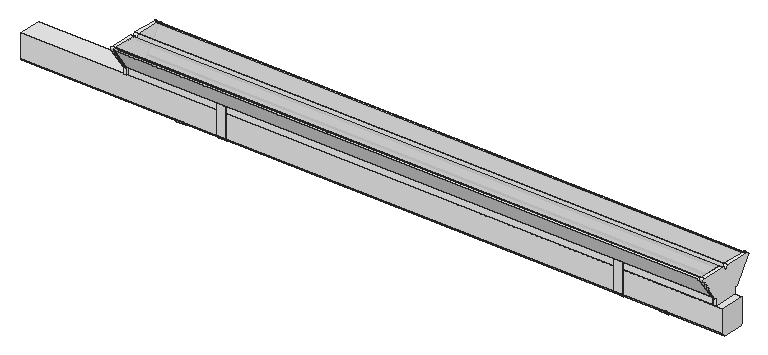
Revit family "0042289 Lighting Fixture_Sylvania_HSX Syl-Line_Surface Mounted", category Lighting Fixtures, host Face, Revit 2017
Family settings
  Host = Face
  Round Connector Dimension = Use Diameter
  Part Type = Normal
  OmniClass Number = 23.80.70.11.17
  OmniClass Title = Specialized Lighting by Location or Use
  Cut with Voids When Loaded = No
  Light Source = Yes
  Shared = No
  Room Calculation Point = No
Parameters (values of type "HSXSYL  LED NW DALI 1720 EM WB")
  Width = 164.0 mm
  Weight = 6.50 kg
  Wattage = 10.4516 W
  built-in parameter 1150110 = 1 (stored number, unit not read)
  Voltage Comments = "UNV (Universal Voltage; 220-240 Volt)"  # constant formula
  Voltage = 230 V  # constant formula
  URL = "http://www.sylvania-lighting.com"
  Trucking Material = Steel_Sylvania_HSX Syl-Line_White
  built-in parameter 1114217 = 1 (stored number, unit not read)
  Tilt Angle = -90.00°
  built-in parameter 1150109 = 1 (stored number, unit not read)
  built-in parameter 1150134 = 12
  Ta Rating = "-10°C to +25°C"  # constant formula
  T Class Min = -10 °C
  T Class Max = 25 °C
  built-in parameter 1150113 = 1 (stored number, unit not read)
  Product Page URL = "http://www.sylvania-lighting.com/product/en-int/products/0042289"
  Product Family = "HSX SYL-LINE"  # constant formula
  Photometry Comments = ""
  Photometric Web File = "0042289_HSXSYLLEDNWDALI1720EMWB-192721.ies"
  Mounting Material = Steel_Sylvania_HSX Syl-Line_White
  Line End Right = 20.0 mm
  Line End Left = 300.0 mm
  Life = "50 000h"  # constant formula
  Length = 1720.0 mm
  LOR = "100%"
  Inrush Current (max. quantity per 16A C breaker) = "10"
  IP Rating = "IP20"  # constant formula
  IK Rating = "IK02"  # constant formula
  Height = 167.5 mm
  Glow Wire Test = 650 °C  # constant formula
  Emit from Line Length = Length - 20.0 mm  # 1700.0 mm
  Electrical Protection = "CLASS I"  # constant formula
  Drive Current = "350mA"
  built-in parameter 1114216 [instance] = 1 (stored number, unit not read)
  Cap Material = Plastic_Sylvania_HSX Syl-Line_White
  Model = "HSXSYL  LED NW DALI 1720 EM WB"
  Manufacturer = "Feilo Sylvania"
  built-in parameter 1150105 = 341.47 (stored number, unit not read)
  Lumens = 972 lm
  built-in parameter 1150115 = 1 (stored number, unit not read)
  built-in parameter 1150137 = (empty or 0)
  built-in parameter 1150139 = (empty or 0)
  built-in parameter 1150112 = 1 (stored number, unit not read)
  built-in parameter 1150114 = 1 (stored number, unit not read)
  Lamp = "Integrated LED"
  built-in parameter 1150132 = 2
  built-in parameter 1150102 = (empty or 0)
  built-in parameter 1150107 = 4000 (stored number, unit not read)
  built-in parameter 1150138 = (empty or 0)
  built-in parameter 1150106 = 3.4147 (stored number, unit not read)
  CRI (Ra) = ">80"
  Bracket Width = Width - 93.4 mm  # 70.6 mm
  Bracket Height = Height - 73.5 mm  # 94.0 mm
  Body Material = Plastic_Sylvania_HSX Syl-Line_White
  built-in parameter 1150104 = 8.64 (stored number, unit not read)
  Dimming Lamp Color Temperature Shift = <None>
  Diffuser Material = Polycarbonate_Sylvania_HSX Syl-Line_4000K
  Description = "72W and 75W LED surface and suspended luminaires HSX Syl-Line is perfect for retail, industry, manufacturing, airports or data centres Extended offering of alternative optics for Syl-Line trunking Available with a white sheet steel reflector and a PMMA Diffuser Available in 1,720mm (same length as standard Syl-Line gear trays and trunking) High performance: delivers 6,660lm (luminaire lumen output on 72W version), equating to 93lm/W (total system efficiency) Available in neutral white (4,000K) Integrated LED solution that has the same aesthetics as the fluorescent version (non dotting) Energy efficient electronic gear including Analogue 1-10V dimmable, DALI dimmable and 3 hour emergency versions as standard Ease of installation through the plug connector Innovative clip design allows quick and simple installation of the electrical unit (average installation time of the gear tray at just over a minute) Energy class: A++, A+, A Long lifetime: 50,000 hours life at 70% of the original output L70"  # constant formula
  Default Elevation = 0.0 mm
  Color Filter = 16777215
  Catalog Number = "0042289 HSXSYL  LED NW DALI 1720 EM WB"
  built-in parameter 1140040 [instance] = 1
  built-in parameter 1114218 = 1 (stored number, unit not read)
  built-in parameter 1150133 = 10 (stored number, unit not read)
  Assembly Code = "D5020200"
  Apparent Load = 75 VA
Reference planes
  plane 1 "Center (Front/Back)": y = 0
  plane 2 "Trucking Top": z = 6
  plane 3 "Center (Left/Right)": x = 0
  plane 4 "Fixture Bottom": z = 167.5
  plane 5: y = 34.283
  plane 6: y = -34.283
  plane 7 "Fixture Left": x = -860
  plane 8 "Fixture Right": x = 860
  plane 9: x = 850
  plane 10: x = -850
  plane 11: y = -82
  plane 12: y = 82
  plane 13: z = 155
  plane 14: z = 99
  plane 15 "Trucking Bottom": z = 78.5
  plane 16: y = 38.283
  plane 17: y = -38.283
  plane 18: z = 160.539
  plane 19: y = 7.5
  plane 20: y = -7.5
  plane 21: x = -1160
  plane 22: x = 880
  plane 23: x = 588
  plane 24: x = -588
  plane 25: x = 713
  plane 26: x = -713
  plane 27 "Fixture Top": z = 0
Forms (mm)
  Extrusion 1, solid, material "Plastic_Sylvania_HSX Syl-Line_White" <- "Cap Material", detail levels fine
    sketch origin (0, 0, 0) x (0, 1, 0) y (0, 0, 1)
      loop
        line (38.283, 99) -> (81.006, 161.276)
        arc (81.006, 161.276) -> (81.229, 165.38) -> (77.707, 167.5) r 3.986
        line (77.707, 167.5) -> (7.5, 167.5) -> (0, 155) -> (-7.5, 167.5) -> (-77.707, 167.5)
        arc (-77.707, 167.5) -> (-81.229, 165.38) -> (-81.006, 161.276) r 3.986
        line (-81.006, 161.276) -> (-38.283, 99) -> (-34.283, 99) -> (-34.283, 78.5) -> (34.283, 78.5) -> (34.283, 99) -> (38.283, 99)
    from 850 to 860
  Extrusion 2, solid, material "Plastic_Sylvania_HSX Syl-Line_White" <- "Cap Material", detail levels fine
    sketch origin (0, 0, 0) x (0, 1, 0) y (0, 0, 1)
      loop
        line (38.283, 99) -> (81.006, 161.276)
        arc (81.006, 161.276) -> (81.229, 165.38) -> (77.707, 167.5) r 3.986
        line (77.707, 167.5) -> (7.5, 167.5) -> (0, 155) -> (-7.5, 167.5) -> (-77.707, 167.5)
        arc (-77.707, 167.5) -> (-81.229, 165.38) -> (-81.006, 161.276) r 3.986
        line (-81.006, 161.276) -> (-38.283, 99) -> (-34.283, 99) -> (-34.283, 78.5) -> (34.283, 78.5) -> (34.283, 99) -> (38.283, 99)
    from -860 to -850
  Extrusion 3, solid, material "Plastic_Sylvania_HSX Syl-Line_White" <- "Body Material", detail levels coarse+medium
    sketch origin (0, 0, 0) x (0, 1, 0) y (0, 0, 1)
      loop
        line (38.283, 99) -> (81.006, 161.276)
        arc (81.006, 161.276) -> (81.229, 165.38) -> (77.707, 167.5) r 3.986
        line (77.707, 167.5) -> (7.5, 167.5) -> (0, 155) -> (-7.5, 167.5) -> (-77.707, 167.5)
        arc (-77.707, 167.5) -> (-81.229, 165.38) -> (-81.006, 161.276) r 3.986
        line (-81.006, 161.276) -> (-38.283, 99) -> (-34.283, 99) -> (-34.283, 78.5) -> (34.283, 78.5) -> (34.283, 99) -> (38.283, 99)
    from -860 to 850
  Extrusion 4, solid, material "Plastic_Sylvania_HSX Syl-Line_White" <- "Body Material", detail levels fine
    sketch origin (0, 0, 0) x (0, 1, 0) y (0, 0, 1)
      loop
        line (37.757, 100) -> (80.18, 161.839)
        arc (80.18, 161.839) -> (80.345, 164.913) -> (77.707, 166.5) r 2.986
        line (77.707, 166.5) -> (74, 166.5) -> (74, 165.5) -> (77.707, 165.5)
        arc (77.707, 165.5) -> (79.461, 164.446) -> (79.353, 162.402) r 1.986
        line (79.353, 162.402) -> (37.23, 101) -> (32.283, 101) -> (32.283, 79.5) -> (-32.283, 79.5) -> (-32.283, 101) -> (-37.23, 101) -> (-79.353, 162.402)
        arc (-79.353, 162.402) -> (-79.461, 164.446) -> (-77.707, 165.5) r 1.986
        line (-77.707, 165.5) -> (-74, 165.5) -> (-74, 166.5) -> (-77.707, 166.5)
        arc (-77.707, 166.5) -> (-80.345, 164.913) -> (-80.18, 161.839) r 2.986
        line (-80.18, 161.839) -> (-37.757, 100) -> (-33.283, 100) -> (-33.283, 78.5) -> (33.283, 78.5) -> (33.283, 100) -> (37.757, 100)
    from -850 to 850
  Extrusion 5, solid, material "Polycarbonate_Sylvania_HSX Syl-Line_4000K" <- "Diffuser Material", detail levels fine
    sketch origin (0, 0, 0) x (0, 1, 0) y (0, 0, 1)
      loop
        line (74, 166.5) -> (8.066, 166.5) -> (0, 153.056) -> (-8.066, 166.5) -> (-74, 166.5) -> (-74, 165.5) -> (-8.632, 165.5) -> (0, 151.113) -> (8.632, 165.5) -> (74, 165.5) -> (74, 166.5)
    from -850 to 850
  Extrusion 6, solid, material "Steel_Sylvania_HSX Syl-Line_White" <- "Trucking Material"
    sketch origin (0, 0, 0) x (0, 1, 0) y (0, 0, 1)
      loop
        line (34.283, 12) -> (34.283, 78.5) -> (-34.283, 78.5) -> (-34.283, 12) -> (-28.283, 6) -> (28.283, 6) -> (34.283, 12)
    from -1160 to 880
Dimensions and locks
  equal spacing: plane 7 "Fixture Left", plane 3 "Center (Left/Right)", plane 8 "Fixture Right"
  "Length": plane 7 "Fixture Left" to plane 8 "Fixture Right"
  locked: plane 7 "Fixture Left" to plane 10 at 10
  locked: plane 9 to plane 8 "Fixture Right" at 10
  equal spacing: plane 12, plane 1 "Center (Front/Back)", plane 11
  "Width": plane 12 to plane 11
  "Height": host face to plane 4 "Fixture Bottom"
  locked: level to plane 2 "Trucking Top" at 6
  plane 15 "Trucking Bottom" to plane 14 to plane 13 to plane 18 to plane 4 "Fixture Bottom" = 20.5 mm locked, 56.0 mm locked, 5.539 mm locked, 6.961 mm locked
  plane 12 to plane 16 to plane 5 to plane 19 = 43.717 mm locked, 4.0 mm locked, 26.783 mm locked
  plane 11 to plane 17 to plane 6 to plane 20 = 43.717 mm locked, 4.0 mm locked, 26.783 mm locked
  locked: Extrusion 5 sketch curve to plane 11 at 8
  locked: plane 12 to Extrusion 5 sketch curve at 8
  locked: Extrusion 4 sketch curve to plane 11 at 8
  locked: plane 12 to Extrusion 4 sketch curve at 8
  locked: Extrusion 6 sketch curve to plane 2 "Trucking Top" at 6  (x2)
  locked: Extrusion 6 sketch curve to plane 6 at 6
  locked: plane 5 to Extrusion 6 sketch curve at 6
  "Line End Left": plane 21 to plane 7 "Fixture Left"
  "Line End Right": plane 8 "Fixture Right" to plane 22
  plane 23 to plane 25 to plane 9 = 125.0 mm locked, 137.0 mm locked
  plane 10 to plane 26 to plane 24 = 137.0 mm locked, 125.0 mm locked
  aligned and locked: level to host face
  aligned and locked: imposter light to plane 1 "Center (Front/Back)"
  aligned and locked: plane 3 "Center (Left/Right)" to imposter light
  aligned and locked: imposter light to plane 4 "Fixture Bottom"
  aligned and locked: plane 14 to Extrusion 1 sketch curve
  aligned and locked: plane 16 to Extrusion 1 sketch curve
  aligned and locked: plane 15 "Trucking Bottom" to Extrusion 1 sketch curve
  aligned and locked: plane 5 to Extrusion 1 sketch curve
  aligned and locked: plane 6 to Extrusion 1 sketch curve
  aligned and locked: Extrusion 1 sketch curve to plane 14
  aligned and locked: plane 1 "Center (Front/Back)" to Extrusion 1 sketch curve
  aligned and locked: plane 13 to Extrusion 1 sketch curve
  aligned and locked: plane 4 "Fixture Bottom" to Extrusion 1 sketch curve  (x2)
  aligned and locked: plane 19 to Extrusion 1 sketch curve
  aligned and locked: plane 20 to Extrusion 1 sketch curve
  aligned and locked: Extrusion 1 to plane 8 "Fixture Right"
  aligned and locked: plane 9 to Extrusion 1
  aligned and locked: Extrusion 2 to plane 7 "Fixture Left"
  aligned and locked: plane 10 to Extrusion 2
  aligned and locked: Extrusion 3 to plane 7 "Fixture Left"
  aligned and locked: plane 15 "Trucking Bottom" to Extrusion 4 sketch curve
  aligned and locked: Extrusion 4 to plane 9
  aligned and locked: Extrusion 4 to plane 10
  aligned and locked: plane 5 to Extrusion 6 sketch curve
  aligned and locked: plane 6 to Extrusion 6 sketch curve
  aligned and locked: plane 2 "Trucking Top" to Extrusion 6 sketch curve
  aligned and locked: plane 15 "Trucking Bottom" to Extrusion 6 sketch curve
  aligned and locked: Extrusion 6 to plane 21
  aligned and locked: Extrusion 6 to plane 22
  aligned and locked: plane 1 "Center (Front/Back)" to nested 1
  aligned and locked: nested 1 to plane 14
  aligned and locked: plane 23 to nested 1
  aligned and locked: Extrusion 3 to plane 9
  aligned and locked: Extrusion 5 to plane 9
  aligned and locked: Extrusion 5 to plane 10
  aligned and locked: plane 24 to nested 2
  aligned and locked: nested 1 to plane 23
  aligned and locked: nested 3 to level
  aligned and locked: plane 2 "Trucking Top" to nested 2
  aligned and locked: plane 25 to nested 3
  aligned and locked: plane 26 to nested 4
Automatic sketch dimensions
  host sketch curve to host sketch curve = 2549.992 mm
  host sketch curve to host sketch curve = 1283.632 mm
  Extrusion 1 sketch curve to plane 17 = 0.0 mm
  Extrusion 1 sketch curve to plane 18 = 0.737 mm  (x2)
  Extrusion 1 sketch curve to plane 11 = 4.293 mm
  Extrusion 1 sketch curve to plane 11 = 0.994 mm
  Extrusion 1 sketch curve to plane 12 = 4.293 mm
  Extrusion 1 sketch curve to plane 12 = 0.994 mm
  plane 4 "Fixture Bottom" to Extrusion 2 sketch curve = 0.0 mm  (x2)
  plane 14 to Extrusion 2 sketch curve = 0.0 mm  (x2)
  Extrusion 2 sketch curve to plane 17 = 0.0 mm
  Extrusion 2 sketch curve to plane 6 = 0.0 mm
  Extrusion 2 sketch curve to plane 20 = 0.0 mm
  Extrusion 2 sketch curve to plane 1 "Center (Front/Back)" = 0.0 mm
  Extrusion 2 sketch curve to plane 19 = 0.0 mm
  Extrusion 2 sketch curve to plane 5 = 0.0 mm
  Extrusion 2 sketch curve to plane 16 = 0.0 mm
  plane 15 "Trucking Bottom" to Extrusion 2 sketch curve = 0.0 mm
  Extrusion 2 sketch curve to plane 13 = 0.0 mm
  Extrusion 2 sketch curve to plane 11 = 4.293 mm
  Extrusion 2 sketch curve to plane 18 = 0.737 mm  (x2)
  Extrusion 2 sketch curve to plane 11 = 0.994 mm
  Extrusion 2 sketch curve to plane 12 = 4.293 mm
  Extrusion 2 sketch curve to plane 12 = 0.994 mm
  plane 4 "Fixture Bottom" to Extrusion 3 sketch curve = 0.0 mm  (x2)
  plane 14 to Extrusion 3 sketch curve = 0.0 mm  (x2)
  Extrusion 3 sketch curve to plane 17 = 0.0 mm
  Extrusion 3 sketch curve to plane 6 = 0.0 mm
  Extrusion 3 sketch curve to plane 20 = 0.0 mm
  Extrusion 3 sketch curve to plane 1 "Center (Front/Back)" = 0.0 mm
  Extrusion 3 sketch curve to plane 19 = 0.0 mm
  Extrusion 3 sketch curve to plane 5 = 0.0 mm
  Extrusion 3 sketch curve to plane 16 = 0.0 mm
  plane 15 "Trucking Bottom" to Extrusion 3 sketch curve = 0.0 mm
  Extrusion 3 sketch curve to plane 13 = 0.0 mm
  Extrusion 3 sketch curve to plane 11 = 4.293 mm
  Extrusion 3 sketch curve to plane 18 = 0.737 mm  (x2)
  Extrusion 3 sketch curve to plane 11 = 0.994 mm
  Extrusion 3 sketch curve to plane 12 = 4.293 mm
  Extrusion 3 sketch curve to plane 12 = 0.994 mm
  Extrusion 4 sketch curve to plane 14 = 1.0 mm  (x2)
  Extrusion 4 sketch curve to plane 16 = 0.527 mm
  plane 4 "Fixture Bottom" to Extrusion 4 sketch curve = 1.0 mm  (x2)
  Extrusion 4 sketch curve to plane 17 = 0.527 mm
  plane 6 to Extrusion 4 sketch curve = 1.0 mm
  Extrusion 4 sketch curve to plane 5 = 1.0 mm
  Extrusion 4 sketch curve to plane 11 = 1.82 mm
  Extrusion 4 sketch curve to plane 18 = 1.301 mm  (x2)
  Extrusion 4 sketch curve to plane 12 = 1.82 mm
  Extrusion 4 sketch curve to Extrusion 4 sketch curve = 0.527 mm  (x2)
  Extrusion 4 sketch curve to Extrusion 4 sketch curve = 0.826 mm  (x2)
  Extrusion 4 sketch curve to Extrusion 4 sketch curve = 0.563 mm  (x2)
  Extrusion 4 sketch curve to Extrusion 4 sketch curve = 0.0 mm  (x4)
  Extrusion 4 sketch curve to Extrusion 4 sketch curve = 1.0 mm  (x4)
  Extrusion 4 sketch curve to plane 15 "Trucking Bottom" = 1.0 mm
  Extrusion 5 sketch curve to plane 1 "Center (Front/Back)" = 0.0 mm  (x2)
  plane 20 to Extrusion 5 sketch curve = 0.566 mm
  plane 20 to Extrusion 5 sketch curve = 1.132 mm
  plane 19 to Extrusion 5 sketch curve = 0.566 mm
  plane 19 to Extrusion 5 sketch curve = 1.132 mm
  plane 4 "Fixture Bottom" to Extrusion 5 sketch curve = 2.0 mm  (x2)
  Extrusion 5 sketch curve to plane 13 = 3.887 mm
  Extrusion 5 sketch curve to Extrusion 5 sketch curve = 1.944 mm
  plane 4 "Fixture Bottom" to Extrusion 5 sketch curve = 1.0 mm  (x2)
  plane 4 "Fixture Bottom" to Extrusion 4 sketch curve = 2.0 mm  (x2)
Nested families
  nested 1: "Mounting Bracket" at (563, 0, 99) x (0, -1, 0) z (0, 0, -1), type "Mounting Bracket", detail levels fine
  nested 2: "Mounting Bracket" at (-588, 0, 99) x (0, -1, 0) z (0, 0, -1), type "Mounting Bracket", detail levels fine
  nested 3: "Top Mounting Bracket" at (713, 0, 13) x (0, 1, 0) z (0, 0, -1), type "Top Mounting Bracket", detail levels fine
  nested 4: "Top Mounting Bracket" at (-688, 0, 13) x (0, 1, 0) z (0, 0, -1), type "Top Mounting Bracket", detail levels fine
Connectors
  electrical at (-1160, 0, 32.167), driven by "Voltage", driven by "Apparent Load"
    settings: on Extrusion 6, index 1, voltage 230 V, apparent load 0 VA, apparent load phase1 75 VA, apparent load phase2 0 VA, apparent load phase3 0 VA, power factor 1, load classification "Lighting", number of poles 1, system type 31, power factor state 1, is connector primary yes, connector utility no, sub classification motor no, connector description ""
Definition of nested family "Mounting Bracket"
  Parameters
    Mounting Material = none
    Length = 25.0 mm
    Height = 94.0 mm
    Width = 70.6 mm
    Default Elevation = 0.0 mm
  Reference planes
    plane 1 "Center (Front/Back)": y = 0
    plane 2: z = 0
    plane 3 "Center (Left/Right)": x = 0
    plane 4: x = -35.3
    plane 5: x = 35.3
    plane 6: y = -25
    plane 7: y = -12.5
    plane 8: z = 94
  Forms (mm)
    Extrusion 1, solid, material <- "Mounting Material"
      sketch origin (0, 0, 0) x (1, 0, 0) y (0, 0, 1)
        loop
          line (35.3, 87.5) -> (28.8, 94) -> (20.3, 94) -> (20.3, 93) -> (28.386, 93) -> (34.3, 87.086) -> (34.3, 0) -> (35.3, 0) -> (35.3, 87.5)
        loop
          line (-35.3, 87.5) -> (-35.3, 0) -> (-34.3, 0) -> (-34.3, 87.086) -> (-28.386, 93) -> (-20.3, 93) -> (-20.3, 94) -> (-28.8, 94) -> (-35.3, 87.5)
      from 0 to 25
  Dimensions and locks
    equal spacing: plane 5, plane 3 "Center (Left/Right)", plane 4
    "Width": plane 5 to plane 4
    "Length": plane 6 to plane 1 "Center (Front/Back)"
    equal spacing: plane 6, plane 7, plane 1 "Center (Front/Back)"
    "Height": plane 8 to plane 2
    locked: plane 8 to Extrusion 1 sketch curve at 1
    locked: plane 8 to Extrusion 1 sketch curve at 6.5  (x2)
    locked: Extrusion 1 sketch curve to plane 4 at 6.5
    locked: plane 5 to Extrusion 1 sketch curve at 6.5
    locked: Extrusion 1 sketch curve to plane 4 at 1
    locked: plane 5 to Extrusion 1 sketch curve at 1
    locked: Extrusion 1 sketch curve to plane 4 at 15
    locked: plane 5 to Extrusion 1 sketch curve at 15
    aligned and locked: level to plane 2
    aligned and locked: Extrusion 1 to plane 6
    aligned and locked: Extrusion 1 sketch curve to plane 8
    aligned and locked: Extrusion 1 sketch curve to plane 4
    aligned and locked: Extrusion 1 sketch curve to plane 5
  Automatic sketch dimensions
    Extrusion 1 sketch curve to level = 0.0 mm  (x2)
    plane 4 to Extrusion 1 sketch curve = 6.914 mm
    Extrusion 1 sketch curve to Extrusion 1 sketch curve = 0.414 mm  (x3)
    plane 8 to Extrusion 1 sketch curve = 0.0 mm
    Extrusion 1 sketch curve to plane 8 = 1.0 mm
Definition of nested family "Top Mounting Bracket"
  Parameters
    Mounting Material = none
    Length = 25.0 mm
    Height = 13.0 mm
    Width = 70.6 mm
    Default Elevation = 0.0 mm
  Reference planes
    plane 1 "Center (Front/Back)": y = 0
    plane 2: z = 0
    plane 3 "Center (Left/Right)": x = 0
    plane 4: x = -35.3
    plane 5: x = 35.3
    plane 6: y = -25
    plane 7: y = -12.5
    plane 8: z = 13
  Forms (mm)
    Extrusion 1, solid, material <- "Mounting Material"
      sketch origin (0, 0, 0) x (1, 0, 0) y (0, 0, 1)
        loop
          line (35.3, 1.5) -> (23.8, 13) -> (-23.8, 13) -> (-35.3, 1.5) -> (-35.3, 0) -> (-34.3, 0) -> (-34.3, 1.086) -> (-23.386, 12) -> (23.386, 12) -> (34.3, 1.086) -> (34.3, 0) -> (35.3, 0) -> (35.3, 1.5)
      from 0 to 25
  Dimensions and locks
    equal spacing: plane 5, plane 3 "Center (Left/Right)", plane 4
    "Width": plane 5 to plane 4
    "Length": plane 6 to plane 1 "Center (Front/Back)"
    equal spacing: plane 6, plane 7, plane 1 "Center (Front/Back)"
    plane 8 to Extrusion 1 sketch curve = 13.0 mm
    locked: Extrusion 1 sketch curve to plane 4 at 11.5
    locked: plane 5 to Extrusion 1 sketch curve at 11.5
    "Height": plane 8 to level
    aligned and locked: level to plane 2
    aligned and locked: Extrusion 1 to plane 6
    aligned and locked: Extrusion 1 sketch curve to plane 4
    aligned and locked: Extrusion 1 sketch curve to plane 5
    aligned and locked: Extrusion 1 sketch curve to plane 8
    aligned and locked: Extrusion 1 sketch curve to Extrusion 1 sketch curve
  Automatic sketch dimensions
    plane 4 to Extrusion 1 sketch curve = 1.0 mm
    Extrusion 1 sketch curve to Extrusion 1 sketch curve = 0.414 mm  (x4)
    Extrusion 1 sketch curve to plane 5 = 1.0 mm
    Extrusion 1 sketch curve to Extrusion 1 sketch curve = 1.086 mm
    Extrusion 1 sketch curve to plane 8 = 1.0 mm
    Extrusion 1 sketch curve to plane 8 = 11.914 mm
